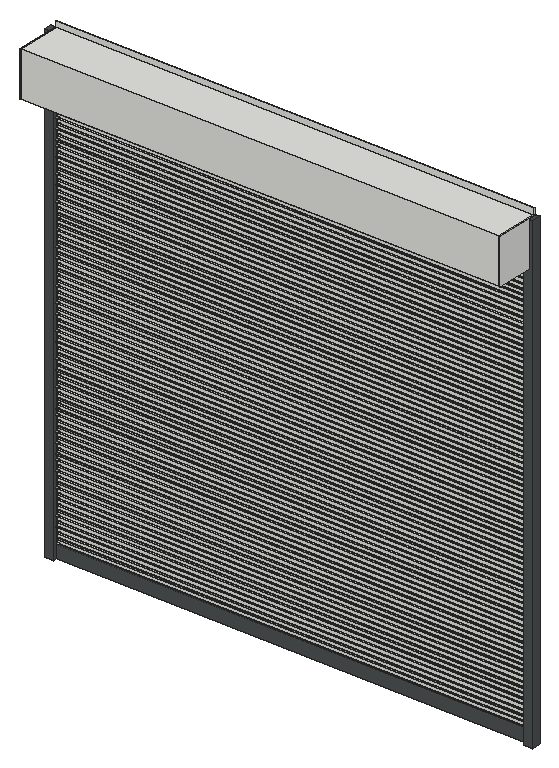
Revit family "Doors_Industrial_Overhead-Door-Corporation_Counter-Doors-651_", category Specialty Equipment, host Wall, Revit 2019 (continued)
Definition of nested family "Motor"
  Forms (in)
    Extrusion 1, solid, material <- "Main Material", visible <- "Wall Mount"
      sketch origin (0, 0, 18.8898) x (1, 0, 0) y (0, 1, 0)
        loop
          line (-4.134, -2.41307) -> (4.116, -2.41307) -> (4.116, -2.29347) -> (3.108, -2.29347)
          arc (3.108, -2.29347) -> (3.02315, -2.25832) -> (2.988, -2.17347) r 0.12
          line (2.988, -2.17347) -> (2.988, 4.96193) -> (-2.988, 4.96193) -> (-2.988, -2.17347)
          arc (-2.988, -2.17347) -> (-3.02315, -2.25832) -> (-3.108, -2.29347) r 0.12
          line (-3.108, -2.29347) -> (-4.134, -2.29347) -> (-4.134, -2.41307)
      from -16.64 to 0
    Extrusion 2, solid, material <- "Main Material", visible <- "Wall Mount"
      sketch origin (0, 0, 18.8898) x (1, 0, 0) y (0, 1, 0)
        loop
          line (-4.134, -2.41307) -> (-4.134, -5.05565) -> (-4.3324, -5.05565) -> (-4.3324, -5.3122)
          arc (-4.3324, -5.3122) -> (-4.24466, -5.55085) -> (-4.02324, -5.67585) r 0.36846
          arc (-4.02324, -5.67585) -> (0, -6.0017) -> (4.02324, -5.67585) r 25
          arc (4.02324, -5.67585) -> (4.24466, -5.55085) -> (4.3324, -5.3122) r 0.36846
          line (4.3324, -5.3122) -> (4.3324, -5.05565) -> (4.116, -5.05565) -> (4.116, -2.41307) -> (-4.134, -2.41307)
      from -17 to 0.35839
    Revolve 3, solid, material <- "Main Material", visible <- "Wall Mount RSX"
      sketch origin (2.0828, 5.66524, 0) x (0, -1, 0) y (1, 0, 0)
        loop
          line (5.66524, -9.0813) -> (5.66524, 3.1162) -> (4.82413, 3.1162) -> (4.82413, 2.7162) -> (4.39283, 2.7162) -> (4.39283, 2.4872) -> (2.50257, 2.4872) -> (2.50257, -6.6585) -> (3.79863, -6.6585) -> (3.79863, -7.51105) -> (3.89778, -7.6102) -> (5.36033, -7.6102) -> (5.36033, -7.8313) -> (4.69783, -7.8313) -> (4.69783, -9.0813) -> (5.66524, -9.0813)
        axis (5.66524, -9.0813) -> (5.66524, 3.1162)
      angle from 0 to 360
    Extrusion 4, solid, material <- "Main Material", visible <- "Wall Mount"
      sketch origin (0, 0, 18.8898) x (1, 0, 0) y (0, 1, 0)
        loop
          line (-2.988, 5.08193) -> (-4.988, 5.08193) -> (-4.988, 4.96193) -> (-3.108, 4.96193) -> (-3.108, 1.46193) -> (-2.988, 1.46193) -> (-2.988, 5.08193)
        loop
          line (2.988, 5.08193) -> (2.988, 1.46193) -> (3.108, 1.46193) -> (3.108, 4.96193) -> (4.988, 4.96193) -> (4.988, 5.08193) -> (2.988, 5.08193)
      from -16.64 to 1.14
    Extrusion 5, solid, material <- "Main Material", visible <- "Wall Mount"
      sketch origin (0, 0.00141, 3.59957) x (0, 0, 1) y (0, -1, 0)
        loop
          circle (2.15043, 0.00141) r 3
      from 7.52 to 7.2495
    Sweep 6, solid, material <- "Main Material", visible <- "Wall Mount"
      path origin (7.38475, 9.53, 48) x (0, 1, 0) y (0, 0, 1)
        loop
          line (-12.53, -42.25) -> (-12.53, -128)
          arc (-12.53, -128) -> (-9.53, -131) -> (-6.53, -128) r 3
          line (-6.53, -128) -> (-6.53, -42.25)
      profile origin (7.38475, -3, -37.125) x (1, 0, 0) y (0, 1, 0)
        loop
          circle (0, 0.1) r 0.1
    Extrusion 7, solid, material <- "Main Material", visible <- "Wall Mount"
      sketch origin (0, 0.00141, 3.59957) x (0, 0, 1) y (0, -1, 0)
        loop
          circle (2.15043, 0.00141) r 0.4
      from 8.82 to 0
    Extrusion 8, solid, material <- "Hood Material", visible <- "CDX"
      sketch origin (2.988, 0, 5.75) x (0, -1, 0) y (1, 0, 0)
        loop
          line (12, -10.57168) -> (12, 2.55332) -> (-4.7, 2.55332) -> (-4.7, 0.0015) -> (2, 0.0015) -> (2, -10.57168) -> (12, -10.57168)
      from 4.88 to -4.88
    Extrusion 9, solid, material <- "Main Material", visible <- "Crank"
      sketch origin (2.9895, 5.75, 5.75) x (0, 0, -1) y (0, -1, 0)
        loop
          line (-1.66535, -2.15748) -> (1.66535, -2.15748)
          arc (1.66535, -2.15748) -> (2.01891, -2.01103) -> (2.16535, -1.65748) r 0.5
          line (2.16535, -1.65748) -> (2.16535, 0.00787)
          arc (2.16535, 0.00787) -> (1.99476, 0.85032) -> (1.50984, 1.56001) r 2.16535
          line (1.50984, 1.56001) -> (1.50984, 2.29685)
          arc (1.50984, 2.29685) -> (1.43662, 2.47363) -> (1.25984, 2.54685) r 0.25
          line (1.25984, 2.54685) -> (0.24999, 3.12987)
          arc (0.24999, 3.12987) -> (0, 3.19685) -> (-0.24999, 3.12987) r 0.5
          line (-0.24999, 3.12987) -> (-1.25984, 2.54685)
          arc (-1.25984, 2.54685) -> (-1.43662, 2.47363) -> (-1.50984, 2.29685) r 0.25
          line (-1.50984, 2.29685) -> (-1.50984, 1.56001)
          arc (-1.50984, 1.56001) -> (-1.99476, 0.85032) -> (-2.16535, 0.00787) r 2.16535
          line (-2.16535, 0.00787) -> (-2.16535, -1.65748)
          arc (-2.16535, -1.65748) -> (-2.01891, -2.01103) -> (-1.66535, -2.15748) r 0.5
      from 0 to -0.5
    Extrusion 10, solid, material <- "Main Material", visible <- "Crank"
      sketch origin (2.9895, 5.75, 5.75) x (0, 0, -1) y (0, -1, 0)
        loop
          line (1.50984, 1.56001) -> (1.50984, 2.29685)
          arc (1.50984, 2.29685) -> (1.43662, 2.47363) -> (1.25984, 2.54685) r 0.25
          line (1.25984, 2.54685) -> (-1.25984, 2.54685)
          arc (-1.25984, 2.54685) -> (-1.43662, 2.47363) -> (-1.50984, 2.29685) r 0.25
          line (-1.50984, 2.29685) -> (-1.50984, 1.56001)
          arc (-1.50984, 1.56001) -> (0, -2.15748) -> (1.50984, 1.56001) r 2.16535
      from 0 to -2
    Extrusion 11, solid, material <- "Main Material", visible <- "Crank"
      sketch origin (2.9895, 4.76161, 5.75) x (0, 1, 0) y (-1, 0, 0)
        loop
          circle (-0.94004, -1.01792) r 0.24
      from 1.5 to -10.5
    Extrusion 12, solid, material <- "Main Material", visible <- "Crank"
      sketch origin (2.9895, 5.75, 5.75) x (0, 1, 0) y (0, 0, -1)
        loop
          line (-2.04434, 10.46875) -> (-1.81142, 10.46875)
          arc (-1.81142, 10.46875) -> (-1.63464, 10.54197) -> (-1.56142, 10.71875) r 0.25
          line (-1.56142, 10.71875) -> (-1.56142, 11.53125)
          arc (-1.56142, 11.53125) -> (-1.63464, 11.70803) -> (-1.81142, 11.78125) r 0.25
          line (-1.81142, 11.78125) -> (-2.04434, 11.78125)
          arc (-2.04434, 11.78125) -> (-2.22112, 11.70803) -> (-2.29434, 11.53125) r 0.25
          line (-2.29434, 11.53125) -> (-2.29434, 10.71875)
          arc (-2.29434, 10.71875) -> (-2.22112, 10.54197) -> (-2.04434, 10.46875) r 0.25
      from -1.26284 to -0.77978
    Extrusion 13, solid, not visible
      sketch origin (2.9895, -24.70572, 48) x (0, -1, 0) y (0, 0, 1)
        loop
          circle (-30.45572, -42.25) r 0.5
      from 0.5 to 0 <- "Connector MP"
  Cuts and joins
    joined: Extrusion 9, Extrusion 10, Extrusion 11
  Lines and regions (in)
    Masking region 1, visible <- "CDX"
      outline origin (0, 0, 0) x (1, 0, 0) y (0, 1, 0)
        loop
          line (-7.58368, -2) -> (-7.58368, -12) -> (5.54132, -12) -> (5.54132, 4.7) -> (2.9895, 4.7) -> (2.9895, -2) -> (-7.58368, -2)
    Masking region 2, visible <- "Crank"
      outline origin (2.9895, 5.75, 5.75) x (0, 1, 0) y (-1, 0, 0)
        loop
          line (2.15748, 0) -> (-3.1963, 0) -> (-3.1963, -0.5) -> (-2.54685, -0.5) -> (-2.54685, -2) -> (2.15748, -2) -> (2.15748, 0)
    reference lines
      curve 1: line (0, 0, 0) -> (0, 0, 18.8898)
      curve 2: line (2.9895, 5.75, 5.75) -> (2.9895, 6.5, 5.75)
    symbolic lines, visible <- "Crank"
      curve 3: line (2.9895, 4.18999, 5.75) -> (4.9895, 4.18999, 5.75)
      curve 4: line (2.9895, 3.20315, 5.75) -> (3.4895, 3.20315, 5.75)
  Dimensions and locks (in)
    Extrusion 4 sketch curve to Extrusion 4 sketch curve = 3.62"
    locked: Extrusion 4 sketch curve to Extrusion 4 sketch curve at 0.12  (x3)
    "Chain H Offset": plane 4 to plane 5
    locked: plane 7 to plane 6 at 30
    locked: Sweep 6 sketch curve to profile plane at 0
    locked: profile plane to Sweep 6 sketch curve at 0.1
    locked: Sweep 6 sketch curve to Sweep 6 sketch curve at 6
    "Floor To Cl Shaft": plane 8 to plane 6
    "Horizontal Mount": plane 1 "Center (Front/Back)" to plane 11
    "Top Option Offset": level to plane 12
    "Chain V Offset": plane 9 "Chain Hoist" to plane 12
    equal spacing: Sweep 6 sketch curve, plane 5, Sweep 6 sketch curve
    "Vertical Mount": plane 10 "Top Of Hood" to plane 12
    locked: Extrusion 2 sketch curve to Extrusion 2 sketch curve at 8.25
    locked: Extrusion 2 sketch curve to Extrusion 2 sketch curve at 2.64258
    locked: plane 3 "Center (Left/Right)" to plane 14 at 7.2495
    "Hood Mount": plane 13 "Hood Face" to plane 14
    "Hood Width Real": plane 11 to plane 15
    "Real Exterior Wall Offset": plane 15 to plane 16 "Wall"
    Revolve 3 sketch curve to Revolve 3 sketch curve to Revolve 3 sketch curve to Revolve 3 sketch curve to Revolve 3 sketch curve to Revolve 3 sketch curve to Revolve 3 sketch curve = 1 1/4" locked, 0.2211" locked, 0.9517" locked, 9.1457" locked, 0.229" locked, 0.4" locked
    Revolve 3 sketch curve to Revolve 3 sketch curve to Revolve 3 sketch curve to Revolve 3 sketch curve to Revolve 3 sketch curve to Revolve 3 sketch curve to Revolve 3 sketch curve to Revolve 3 sketch curve = 0.30491" locked, 0.53619" locked, 0.12631" locked, 0.305" locked, 0.49505" locked, 0.09915" locked, 1.29606" locked
    locked: Extrusion 1 sketch curve to Extrusion 1 sketch curve at 0.1196
    locked: Extrusion 1 sketch curve to Extrusion 1 sketch curve at 5.976
    equal spacing: Extrusion 1 sketch curve, curve 1, Extrusion 1 sketch curve
    locked: curve 1 to Extrusion 1 sketch curve at 2.41307
    locked: Extrusion 1 sketch curve to Extrusion 1 sketch curve at 7.375
    equal spacing: Extrusion 4 sketch curve, curve 1, Extrusion 4 sketch curve
    locked: Extrusion 4 sketch curve to curve 1 at 1.46193
    locked: Revolve 3 sketch curve to plane 3 "Center (Left/Right)" at 4.5757
    locked: Extrusion 4 sketch curve to Extrusion 4 sketch curve at 5.976
    locked: Extrusion 4 sketch curve to Extrusion 4 sketch curve at 2
    locked: Extrusion 4 sketch curve to Extrusion 4 sketch curve at 1.88
    locked: Extrusion 1 sketch curve to Extrusion 1 sketch curve at 1.128
    locked: Extrusion 1 sketch curve to Extrusion 1 sketch curve at 1.146
    locked: curve 1 to Extrusion 2 sketch curve at 2.41307
    locked: Extrusion 8 sketch curve to Extrusion 8 sketch curve at 13.125
    locked: Extrusion 8 sketch curve to Extrusion 8 sketch curve at 2.55182
    locked: Extrusion 8 sketch curve to Extrusion 8 sketch curve at 16.7
    locked: Extrusion 8 sketch curve to curve 1 at 2
    locked: Extrusion 8 sketch curve to Extrusion 8 sketch curve at 10
    equal spacing: plane 1 "Center (Front/Back)", plane 17, plane 15
    "Hood Height": plane 10 "Top Of Hood" to plane 18
    equal spacing: plane 10 "Top Of Hood", plane 19, plane 18
    locked: curve 2 to curve 2 at 0.75
    "Connector VP": plane 10 "Top Of Hood" to Extrusion 13 sketch curve
    "Connector HP": Extrusion 13 sketch curve to plane 16 "Wall"
    radius of Extrusion 5 sketch curve = 3"
    radius of Sweep 6 sketch curve = 3"
    radius of Sweep 6 sketch curve = 0.1"
    radius of Extrusion 7 sketch curve = 0.4"
    radius of Extrusion 2 sketch curve = 0.36846"  (x2)
    radius of Extrusion 1 sketch curve = 0.12"  (x2)
    radius of Extrusion 2 sketch curve = 25"
    "Angle": angle curve 1 to plane 1 "Center (Front/Back)"
    angle Extrusion 2 sketch curve to Extrusion 2 sketch curve = 90.00°
    locked: Extrusion 2 sketch curve to Extrusion 2 sketch curve (angle 90.00°)
    aligned and locked: plane 2 to level
    aligned and locked: Revolve 3 sketch curve to Revolve 3 sketch curve
    aligned and locked: plane 1 "Center (Front/Back)" to curve 1
    aligned and locked: level to curve 1
    aligned and locked: plane 1 "Center (Front/Back)" to plane 4
    aligned and locked: Extrusion 4 sketch curve to Extrusion 4 sketch curve  (x3)
    aligned and locked: plane 7 to Sweep 6 sketch curve  (x2)
    aligned and locked: plane 8 to Sweep 6 sketch curve  (x2)
    aligned and locked: plane 5 to Extrusion 5 sketch curve
    aligned and locked: plane 9 "Chain Hoist" to Extrusion 5 sketch curve
    aligned and locked: plane 5 to Extrusion 7 sketch curve
    aligned and locked: plane 9 "Chain Hoist" to Extrusion 7 sketch curve
    aligned and locked: plane 8 to plane 9 "Chain Hoist"
    aligned and locked: Extrusion 2 sketch curve to Extrusion 2 sketch curve
    aligned and locked: Extrusion 1 sketch curve to Extrusion 1 sketch curve
    aligned and locked: plane 4 to nested 1
    aligned and locked: plane 3 "Center (Left/Right)" to nested 1
    aligned and locked: Masking region 1 sketch curve to Extrusion 8  (x6)
    aligned and locked: Extrusion 8 sketch curve to plane 13 "Hood Face"
    aligned and locked: plane 17 to curve 2
    aligned and locked: curve 2 to plane 19
  Automatic sketch dimensions
    plane 1 "Center (Front/Back)" to Revolve 3 sketch curve = 0"
    Revolve 3 sketch curve to Revolve 3 sketch curve = 0.09915"
    Revolve 3 sketch curve to Revolve 3 sketch curve = 4.7892"
    Revolve 3 sketch curve to plane 14 = 1.9628"
    Extrusion 2 sketch curve to plane 3 "Center (Left/Right)" = 0"
    Extrusion 2 sketch curve to Extrusion 2 sketch curve = 0.1984"
    Extrusion 2 sketch curve to Extrusion 2 sketch curve = 0.15206"
    Extrusion 2 sketch curve to Extrusion 2 sketch curve = 0.25654"
    Extrusion 2 sketch curve to Extrusion 2 sketch curve = 0"  (x2)
    Extrusion 2 sketch curve to Extrusion 2 sketch curve = 0.0593"
    Extrusion 9 sketch curve to Extrusion 9 sketch curve = 0"  (x2)
    curve 2 to Extrusion 9 sketch curve = 0"  (x2)
    curve 2 to Extrusion 9 sketch curve = 1/4"
    Extrusion 9 sketch curve to Extrusion 9 sketch curve = 1.00985"  (x2)
    Extrusion 9 sketch curve to Extrusion 9 sketch curve = 1/4"  (x2)
    Extrusion 9 sketch curve to curve 2 = 1.66535"
    Extrusion 9 sketch curve to Extrusion 9 sketch curve = 1/2"
    Extrusion 9 sketch curve to curve 2 = 1/4"
    curve 2 to Extrusion 9 sketch curve = 1.66535"
    curve 2 to Extrusion 9 sketch curve = 2.16535"
    Extrusion 9 sketch curve to curve 2 = 1.40748"
    curve 2 to Extrusion 9 sketch curve = 0.00787"
    Extrusion 9 sketch curve to Extrusion 9 sketch curve = 0.73684"  (x2)
    Extrusion 9 sketch curve to Extrusion 9 sketch curve = 0.15"
    Extrusion 9 sketch curve to Extrusion 9 sketch curve = 0.43302"
    curve 2 to Extrusion 10 sketch curve = 0"
    curve 2 to Extrusion 10 sketch curve = 1.25984"
    Extrusion 10 sketch curve to Extrusion 10 sketch curve = 1/4"  (x2)
    Extrusion 10 sketch curve to curve 2 = 1.25984"
    curve 2 to Extrusion 10 sketch curve = 0.00787"
    curve 2 to Extrusion 10 sketch curve = 1.56001"
    Extrusion 10 sketch curve to Extrusion 10 sketch curve = 0.73684"
    Extrusion 10 sketch curve to Extrusion 10 sketch curve = 0"
    Extrusion 11 sketch curve to curve 2 = 1.92843"
    Extrusion 11 sketch curve to curve 2 = 1.01792"
    Extrusion 12 sketch curve to curve 2 = 2.29434"
    Extrusion 12 sketch curve to Extrusion 12 sketch curve = 1/4"  (x3)
    Extrusion 12 sketch curve to Extrusion 12 sketch curve = 0.23293"  (x2)
    curve 2 to Extrusion 12 sketch curve = 10 15/32"
    Extrusion 12 sketch curve to Extrusion 12 sketch curve = 13/16"
    Masking region 2 sketch curve to curve 2 = 0"
    Masking region 2 sketch curve to curve 2 = 2.54685"
    curve 2 to Masking region 2 sketch curve = 1.40748"
    curve 2 to Masking region 2 sketch curve = 1/2"
    Masking region 2 sketch curve to Masking region 2 sketch curve = 0.64945"
    Masking region 2 sketch curve to Masking region 2 sketch curve = 1 1/2"
    curve 4 to curve 2 = 0"
    curve 3 to curve 2 = 0"
    curve 4 to curve 2 = 2.54685"
    curve 3 to curve 2 = 1.56001"
    curve 2 to curve 4 = 1/2"
    curve 3 to curve 2 = 2"
    radius of Extrusion 11 sketch curve = 0.24"
    radius of Extrusion 13 sketch curve = 1/2"
  Nested families (in)
    nested 1: "2D_NotScalableMain_29e791da-3db9-4234-ab15-44456784202b" at (0, 0, 0), type "Default"
      with Wall Mount RMX no, Wall Mount no
  Definition of nested family "2D_NotScalableMain_29e791da-3db9-4234-ab15-44456784202b"
    Parameters (values of type "Default")
      Wall Mount RMX = yes
      Wall Mount RSX = no
      Wall Mount = yes
    Reference planes (in)
      plane 1 "Center (Front/Back)": y = 0
      plane 2: z = 0
      plane 3 "Center (Left/Right)": x = 0
    Lines and regions (in)
      Masking region 1, in view "Ref. Level", visible <- "Wall Mount RSX"
        outline origin (0, 0, 0) x (1, 0, 0) y (0, 1, 0)
          loop
            line (-6.9985, -0.96741) -> (-5.7485, -0.96741) -> (-5.7485, -0.30491) -> (-5.5274, -0.30491) -> (-5.5274, -1.76746) -> (-5.42825, -1.86661) -> (-4.5757, -1.86661) -> (-4.5757, -3.22517) -> (-4.134, -3.22517) -> (-4.134, -5.05565) -> (-4.3324, -5.05565) -> (-4.3324, -5.3122)
            arc (-4.3324, -5.3122) -> (-4.24466, -5.55085) -> (-4.02324, -5.67585) r 0.36846
            arc (-4.02324, -5.67585) -> (0, -6.0017) -> (4.02324, -5.67585) r 25
            arc (4.02324, -5.67585) -> (4.24466, -5.55085) -> (4.3324, -5.3122) r 0.36846
            line (4.3324, -5.3122) -> (4.3324, -5.05565) -> (4.116, -5.05565) -> (4.116, -3.22517) -> (4.57, -3.22517) -> (4.57, -1.27241) -> (4.799, -1.27241) -> (4.799, -0.84111) -> (5.199, -0.84111) -> (5.199, 0.77483) -> (7.2495, 0.77483) -> (7.2495, -1.81) -> (7.52, -1.81) -> (7.52, 0.79) -> (8.82, 0.79) -> (8.82, 1.59) -> (7.52, 1.59) -> (7.52, 4.19) -> (7.2495, 4.19) -> (7.2495, 1.59) -> (4.57, 1.59) -> (4.57, 3.22517) -> (3.108, 3.22517) -> (3.108, 4.96193) -> (4.988, 4.96193) -> (4.988, 5.08193) -> (2.988, 5.08193) -> (2.988, 4.96193) -> (-2.988, 4.96193) -> (-2.988, 5.08193) -> (-4.988, 5.08193) -> (-4.988, 4.96193) -> (-3.108, 4.96193) -> (-3.108, 3.22517) -> (-4.5757, 3.22517) -> (-4.5757, 1.86661) -> (-5.42825, 1.86661) -> (-5.5274, 1.76746) -> (-5.5274, 0.30491) -> (-5.7485, 0.30491) -> (-5.7485, 0.96741) -> (-6.9985, 0.96741) -> (-6.9985, -0.96741)
      Masking region 2, in view "Ref. Level", visible <- "Wall Mount"
        outline origin (0, 0, 0) x (1, 0, 0) y (0, 1, 0)
          loop
            line (-4.988, 4.96193) -> (-3.108, 4.96193) -> (-3.108, 1.46193) -> (-2.988, 1.46193) -> (-2.988, 5.08193) -> (-4.988, 5.08193) -> (-4.988, 4.96193)
          loop
            line (2.988, 1.46193) -> (3.108, 1.46193) -> (3.108, 4.96193) -> (4.988, 4.96193) -> (4.988, 5.08193) -> (2.988, 5.08193) -> (2.988, 1.46193)
      Masking region 3, in view "Ref. Level", visible <- "Wall Mount RMX"
        outline origin (0, 0, 0) x (1, 0, 0) y (0, 1, 0)
          loop
            line (-2.988, 4.96193) -> (-2.988, -2.17347)
            arc (-2.988, -2.17347) -> (-3.02315, -2.25832) -> (-3.108, -2.29347) r 0.12
            line (-3.108, -2.29347) -> (-4.134, -2.29347) -> (-4.134, -5.05565) -> (-4.3324, -5.05565) -> (-4.3324, -5.3122)
            arc (-4.3324, -5.3122) -> (-4.24466, -5.55085) -> (-4.02324, -5.67585) r 0.36846
            arc (-4.02324, -5.67585) -> (0, -6.0017) -> (4.02324, -5.67585) r 25
            arc (4.02324, -5.67585) -> (4.24466, -5.55085) -> (4.3324, -5.3122) r 0.36846
            line (4.3324, -5.3122) -> (4.3324, -5.05565) -> (4.116, -5.05565) -> (4.116, -2.29347) -> (3.108, -2.29347)
            arc (3.108, -2.29347) -> (3.02315, -2.25832) -> (2.988, -2.17347) r 0.12
            line (2.988, -2.17347) -> (2.988, 0.77483) -> (7.2495, 0.77483) -> (7.2495, -1.81) -> (7.52, -1.81) -> (7.52, 0.79) -> (8.82, 0.79) -> (8.82, 1.59) -> (7.52, 1.59) -> (7.52, 4.19) -> (7.2495, 4.19) -> (7.2495, 1.59) -> (3.108, 1.59) -> (3.108, 1.46193) -> (2.988, 1.46193) -> (2.988, 4.96193) -> (-2.988, 4.96193)
      reference lines, in view "Ref. Level"
        curve 1: line (0, 0, 0) -> (0, 0.125, 0)
        curve 2: line (0, 0, 0) -> (0.125, 0, 0)
      detail lines, in view "Ref. Level", visible <- "Wall Mount"
        curve 3: line (7.2495, 4.19, 0) -> (7.2495, -1.81, 0)
        curve 4: line (7.52, 4.19, 0) -> (7.52, -1.81, 0)
        curve 5: line (-4.134, -2.29347, 0) -> (-4.134, -5.05565, 0)
        curve 6: line (4.116, -2.29347, 0) -> (4.116, -5.05565, 0)
        curve 7: line (-4.134, -2.41307, 0) -> (4.116, -2.41307, 0)
        curve 8: line (4.116, -2.29347, 0) -> (3.108, -2.29347, 0)
        curve 9: line (2.988, -2.17347, 0) -> (2.988, 4.96193, 0)
        curve 10: line (2.988, 4.96193, 0) -> (-2.988, 4.96193, 0)
        curve 11: line (-2.988, 4.96193, 0) -> (-2.988, -2.17347, 0)
        curve 12: arc (-2.988, -2.17347, 0) -> (-3.02315, -2.25832, 0) -> (-3.108, -2.29347, 0) r 0.12
        curve 13: arc (3.108, -2.29347, 0) -> (3.02315, -2.25832, 0) -> (2.988, -2.17347, 0) r 0.12
        curve 21: line (-4.134, -2.29347, 0) -> (-3.108, -2.29347, 0)
      detail lines, in view "Ref. Level", not visible
        curve 14: line (4.57, -3.22517, 0) -> (4.57, 0.77483, 0)
        curve 15: line (4.799, -1.27241, 0) -> (4.799, 0.77483, 0)
      detail lines, in view "Ref. Level", visible <- "Wall Mount RSX"
        curve 16: line (5.199, -0.84111, 0) -> (5.199, 0.77483, 0)
        curve 17: line (-4.5757, -3.22517, 0) -> (-4.5757, 3.22517, 0)
        curve 18: line (-5.42825, -1.86661, 0) -> (-5.42825, 1.86661, 0)
        curve 19: line (-5.5274, 1.76746, 0) -> (-5.5274, -1.76746, 0)
        curve 20: line (-5.7485, -0.96741, 0) -> (-5.7485, 0.96741, 0)
        curve 22: line (5.199, 0.77483, 0) -> (2.988, 0.77483, 0)
        curve 23: line (4.57, 1.59, 0) -> (3.108, 1.59, 0)
        curve 24: line (-4.5757, -3.22517, 0) -> (-4.5757, 3.22517, 0)
        curve 25: line (-5.42825, 1.86661, 0) -> (-5.42825, -1.86661, 0)
        curve 26: line (-5.5274, 1.76746, 0) -> (-5.5274, -1.76746, 0)
        curve 27: line (-5.7485, -0.96741, 0) -> (-5.7485, 0.96741, 0)
        curve 28: line (4.57, 3.22517, 0) -> (4.57, 1.59, 0)
        curve 29: line (4.799, 0.77483, 0) -> (4.799, -1.22759, 0)
    Dimensions and locks (in)
      curve 1 to curve 1 = 1/8"
      curve 2 to curve 2 = 1/8"
      aligned and locked: plane 1 "Center (Front/Back)" to curve 1
      aligned and locked: plane 3 "Center (Left/Right)" to curve 1
      aligned and locked: plane 1 "Center (Front/Back)" to curve 2
Definition of nested family "Label Annotation 1"
  Parameters (values of type "Label Annotation 1-8")
    Label = "Area is too big. Please reduce Door Size."
  Reference planes (in)
    plane 1: y = 0
    plane 2: x = 0
  Text (in)
    label "Label" at (0.00375, -0.00345, 0), shows "Label"
Definition of nested family "Warning Sign"
  Parameters (values of type "Warning Sign")
    Warning Sign [instance] = no
    Default Elevation = 48"
  Reference planes (in)
    plane 1 "Center (Front/Back)": y = 0
    plane 2: z = 0
    plane 3 "Center (Left/Right)": x = 0
    plane 4: y = 0.5
    plane 5: y = -0.5
    plane 6: y = 1
    plane 7: y = 0.25
  Lines and regions (in)
    model lines
      curve 1: line (-2.26129, 1, 45.69444) -> (-26.3817, 1, 3.91667)
      curve 2: line (-25.25106, 1, 3.26389) -> (-1.13064, 1, 45.04167)
      curve 3: arc (2.26129, 1, 45.69444) -> (0, 1, 47) -> (-2.26129, 1, 45.69444) r 2.61111
      curve 4: arc (-1.13064, 1, 45.04167) -> (0, 1, 45.69444) -> (1.13064, 1, 45.04167) r 1.30556
      curve 5: line (1.13064, 1, 45.04167) -> (25.25106, 1, 3.26389)
      curve 6: line (26.3817, 1, 3.91667) -> (2.26129, 1, 45.69444)
      curve 7: arc (25.25106, 1, 3.26389) -> (25.25106, 1, 1.95833) -> (24.12041, 1, 1.30556) r 1.30556
      curve 8: arc (24.12041, 1, 0) -> (26.3817, 1, 1.30556) -> (26.3817, 1, 3.91667) r 2.61111
      curve 9: line (24.12041, 1, 1.30556) -> (-24.12041, 1, 1.30556)
      curve 10: line (-24.12041, 1, 0) -> (24.12041, 1, 0)
      curve 11: arc (-24.12041, 1, 1.30556) -> (-25.25106, 1, 1.95833) -> (-25.25106, 1, 3.26389) r 1.30556
      curve 12: arc (-26.3817, 1, 3.91667) -> (-26.3817, 1, 1.30556) -> (-24.12041, 1, 0) r 2.61111
      curve 13: arc (-2.29479, 1, 8.63537) -> (0, 1, 6.34057) -> (2.29479, 1, 8.63537) r 2.29479
      curve 14: arc (2.29479, 1, 8.63537) -> (0, 1, 10.93016) -> (-2.29479, 1, 8.63537) r 2.29479
      curve 15: arc (-1.6331, 1, 13.97069) -> (0.03439, 1, 12.53727) -> (1.69278, 1, 13.98121) r 1.68043
      curve 16: line (-3.77413, 1, 28.37873) -> (-1.6331, 1, 13.97069)
      curve 17: line (1.69278, 1, 13.98121) -> (3.73924, 1, 28.37873)
      curve 18: arc (3.73924, 1, 28.37873) -> (-0.01745, 1, 32.13541) -> (-3.77413, 1, 28.37873) r 3.75668
      curve 19: line (-2.26129, -0.5, 45.69444) -> (-26.3817, -0.5, 3.91667)
      curve 20: line (-25.25106, -0.5, 3.26389) -> (-1.13064, -0.5, 45.04167)
      curve 21: arc (2.26129, -0.5, 45.69444) -> (0, -0.5, 47) -> (-2.26129, -0.5, 45.69444) r 2.61111
      curve 22: arc (-1.13064, -0.5, 45.04167) -> (0, -0.5, 45.69444) -> (1.13064, -0.5, 45.04167) r 1.30556
      curve 23: line (1.13064, -0.5, 45.04167) -> (25.25106, -0.5, 3.26389)
      curve 24: line (26.3817, -0.5, 3.91667) -> (2.26129, -0.5, 45.69444)
      curve 25: arc (25.25106, -0.5, 3.26389) -> (25.25106, -0.5, 1.95833) -> (24.12041, -0.5, 1.30556) r 1.30556
      curve 26: arc (24.12041, -0.5, 0) -> (26.3817, -0.5, 1.30556) -> (26.3817, -0.5, 3.91667) r 2.61111
      curve 27: line (24.12041, -0.5, 1.30556) -> (-24.12041, -0.5, 1.30556)
      curve 28: line (-24.12041, -0.5, 0) -> (24.12041, -0.5, 0)
      curve 29: arc (-24.12041, -0.5, 1.30556) -> (-25.25106, -0.5, 1.95833) -> (-25.25106, -0.5, 3.26389) r 1.30556
      curve 30: arc (-26.3817, -0.5, 3.91667) -> (-26.3817, -0.5, 1.30556) -> (-24.12041, -0.5, 0) r 2.61111
      curve 31: arc (-2.29479, -0.5, 8.63537) -> (0, -0.5, 6.34057) -> (2.29479, -0.5, 8.63537) r 2.29479
      curve 32: arc (2.29479, -0.5, 8.63537) -> (0, -0.5, 10.93016) -> (-2.29479, -0.5, 8.63537) r 2.29479
      curve 33: arc (-1.6331, -0.5, 13.97069) -> (0.03439, -0.5, 12.53727) -> (1.69278, -0.5, 13.98121) r 1.68043
      curve 34: line (-3.77413, -0.5, 28.37873) -> (-1.6331, -0.5, 13.97069)
      curve 35: line (1.69278, -0.5, 13.98121) -> (3.73924, -0.5, 28.37873)
      curve 36: arc (3.73924, -0.5, 28.37873) -> (-0.01745, -0.5, 32.13541) -> (-3.77413, -0.5, 28.37873) r 3.75668
  Dimensions and locks (in)
    locked: plane 1 "Center (Front/Back)" to plane 4 at 0.5
    equal spacing: plane 1 "Center (Front/Back)", plane 7, plane 4
    locked: plane 4 to plane 6 at 0.5
    locked: plane 5 to plane 1 "Center (Front/Back)" at 0.5
    aligned and locked: plane 2 to level
  Automatic sketch dimensions
    curve 21 to curve 22 = 0"  (x2)
    curve 25 to curve 26 = 0"  (x2)
    curve 29 to curve 30 = 0"  (x2)
    curve 31 to curve 32 = 0"  (x2)
    curve 21 to plane 3 "Center (Left/Right)" = 0"
    curve 31 to plane 3 "Center (Left/Right)" = 0"
    curve 30 to level = 0"
    level to curve 27 = 1.30556"
    curve 26 to curve 27 = 1.30556"
    curve 29 to curve 27 = 1.30556"
    curve 23 to curve 25 = 0.65278"
    curve 20 to curve 29 = 0.65278"
    curve 24 to curve 23 = 0.65278"
    curve 19 to curve 20 = 0.65278"
    level to curve 32 = 8.63537"
    curve 34 to plane 3 "Center (Left/Right)" = 1.6331"
    curve 34 to curve 31 = 5.33532"
    plane 3 "Center (Left/Right)" to curve 35 = 1.69278"
    curve 35 to curve 34 = 0.01052"
    plane 3 "Center (Left/Right)" to curve 33 = 0.02908"
    curve 36 to plane 3 "Center (Left/Right)" = 0.01745"
    curve 36 to curve 33 = 14.16104"
    curve 22 to curve 36 = 16.01016"
    plane 3 "Center (Left/Right)" to curve 23 = 1.13064"
    curve 23 to curve 21 = 0.65278"
    curve 20 to plane 3 "Center (Left/Right)" = 1.13064"
    plane 3 "Center (Left/Right)" to curve 24 = 2.26129"
    curve 24 to curve 22 = 0.65278"
    curve 19 to plane 3 "Center (Left/Right)" = 2.26129"
    curve 34 to curve 36 = 3.75668"
    curve 30 to plane 3 "Center (Left/Right)" = 24.12041"
    plane 3 "Center (Left/Right)" to curve 25 = 24.12041"
    curve 31 to curve 31 = 2.29479"
    curve 3 to curve 4 = 0"  (x2)
    curve 7 to curve 8 = 0"  (x2)
    curve 11 to curve 12 = 0"  (x2)
    curve 13 to curve 14 = 0"  (x2)
    curve 3 to plane 3 "Center (Left/Right)" = 0"
    curve 13 to plane 3 "Center (Left/Right)" = 0"
    curve 12 to level = 0"
    level to curve 9 = 1.30556"
    curve 8 to curve 9 = 1.30556"
    curve 11 to curve 9 = 1.30556"
    curve 5 to curve 7 = 0.65278"
    curve 2 to curve 11 = 0.65278"
    curve 6 to curve 5 = 0.65278"
    curve 1 to curve 2 = 0.65278"
    level to curve 14 = 8.63537"
    curve 16 to plane 3 "Center (Left/Right)" = 1.6331"
    curve 16 to curve 13 = 5.33532"
    plane 3 "Center (Left/Right)" to curve 17 = 1.69278"
    curve 17 to curve 16 = 0.01052"
    plane 3 "Center (Left/Right)" to curve 15 = 0.02908"
    curve 18 to plane 3 "Center (Left/Right)" = 0.01745"
    curve 18 to curve 15 = 14.16104"
    curve 4 to curve 18 = 16.01016"
    plane 3 "Center (Left/Right)" to curve 5 = 1.13064"
    curve 5 to curve 3 = 0.65278"
    curve 2 to plane 3 "Center (Left/Right)" = 1.13064"
    plane 3 "Center (Left/Right)" to curve 6 = 2.26129"
    curve 6 to curve 4 = 0.65278"
    curve 1 to plane 3 "Center (Left/Right)" = 2.26129"
    curve 16 to curve 18 = 3.75668"
    curve 12 to plane 3 "Center (Left/Right)" = 24.12041"
    plane 3 "Center (Left/Right)" to curve 7 = 24.12041"
    curve 13 to curve 13 = 2.29479"
Types (9): name | Voltage | Operator Visibility | Number of Poles | Frequency | Electric Operator | Crank | Manual | Current | Connector Array | Apparent Load Phase 3 | Apparent Load Phase 2 | Apparent Load Phase 1
  115 volts, one phase, 60 Hz (110-120V range) | 115 V | yes | 1 | 60 Hz | yes | no | no | 20 A | 3 | 0 VA | 0 VA | 2300 VA
  ‏​Manual push-up | 0 V | no | 1 | 0 Hz | no | no | yes | 0 A | 2 | 0 VA | 0 VA | 0 VA
  230 volts, three phase, 60 Hz (208-245V range) | 230 V | yes | 3 | 60 Hz | yes | no | no | 20 A | 3 | 2655.81 VA | 2655.81 VA | 2655.81 VA
  230 volts, one phase, 60 Hz (208-245V range) | 230 V | yes | 1 | 60 Hz | yes | no | no | 20 A | 3 | 0 VA | 0 VA | 4600 VA
  460 volts, three phase, 60 Hz (456-495V range) | 460 V | yes | 3 | 60 Hz | yes | no | no | 20 A | 3 | 5311.62 VA | 5311.62 VA | 5311.62 VA
  208 volts, one phase, 60 Hz (190-207V range) | 208 V | yes | 1 | 60 Hz | yes | no | no | 20 A | 3 | 0 VA | 0 VA | 4160 VA
  208 volts, three phase, 60 Hz (190-207V range) | 208 V | yes | 3 | 60 Hz | yes | no | no | 20 A | 3 | 2401.78 VA | 2401.78 VA | 2401.78 VA
  575 volts, three phase, 60 Hz | 575 V | yes | 3 | 60 Hz | yes | no | no | 20 A | 3 | 6639.53 VA | 6639.53 VA | 6639.53 VA
  Manual crank | 0 V | yes | 1 | 0 Hz | no | yes | no | 0 A | 3 | 0 VA | 0 VA | 0 VA
